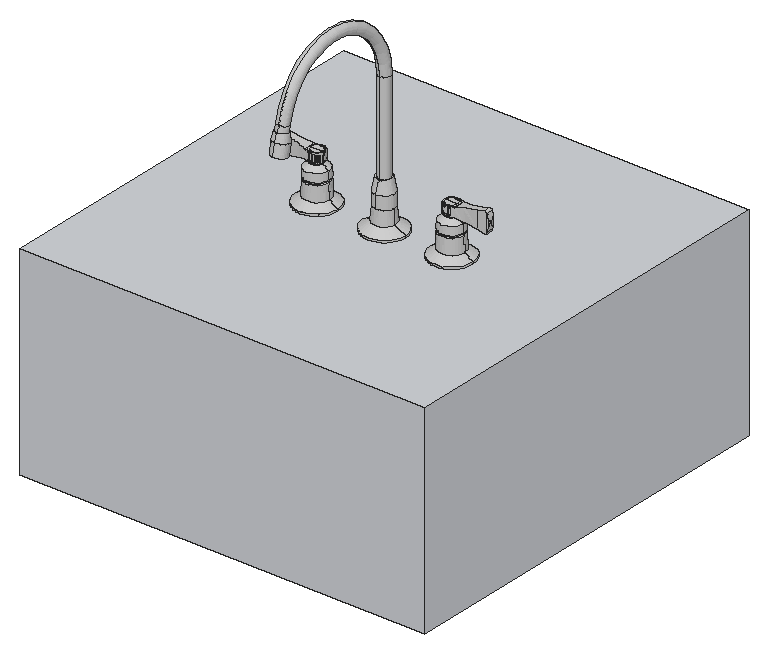
Revit family
Parameters
  Width = 14.5"
  Waste Connection = no
  WFU = 0
  Vent Connection = no
  URL = "www.moencommercial.com"
  Model = "8227"
  Manufacturer = "Moen"
  Length = 9.5"
  Keynote = "15410"
  Hot Water Connection Diameter = 0.5"  # 1/2"
  Height = 12.5"
  Handle Type = "2-1/2\" Lever handles with hot and cold color indicators"
  HWFU = 1
  Finish = Moen-Chrome
  Faucet Spout Reach = 8"
  Faucet Spout Height = 7.5"
  Drain Type = "None"
  Domestic Water Flow Rate = 2.2 GPM
  Documentation Link = "http://www.moen.com/shared/pdf/commercial/8227sp.pdf"
  Description = "Two-Handle Lavatory Faucet with Spout"
  Default Elevation = 48"
  Cold Water Connection Diameter = 0.5"  # 1/2"
  CWFU = 1
  Assembly Code = "D2010400"
  ADA Compliant = yes
Reference planes (in)
  plane 1 "Center (Front/Back)": y = 0
  plane 2: z = 0
  plane 3 "Center (Left/Right)": x = 0
  plane 4: x = -4
  plane 5: x = 4
  plane 6: x = -7.25
  plane 7: x = 7.25
  plane 8: z = 12.5
Forms (in)
  Extrusion 1, solid
    sketch origin (0, 0, 0) x (1, 0, 0) y (0, 1, 0)
      loop
        line (-12, 12) -> (-12, -12) -> (12, -12) -> (12, 12) -> (-12, 12)
    from 0 to -12
Lines and regions (in)
  Masking region 1
    outline origin (0, 0, 0) x (1, 0, 0) y (0, 1, 0)
      loop
        line (-0.335, -1.20427) -> (-0.335, -7.50378)
        spline (-0.335, -7.50378) -> (-0.42311, -7.64878) -> (-0.44971, -7.81572) -> (-0.41092, -7.98032) -> (-0.31239, -8.11866) -> (-0.16844, -8.21062) -> (0, -8.24284) -> (0.16844, -8.21062) -> (0.31239, -8.11866) -> (0.41092, -7.98032) -> (0.44971, -7.81572) -> (0.42311, -7.64878) -> (0.335, -7.50378)
        line (0.335, -7.50378) -> (0.335, -1.20427)
        arc (0.335, -1.20427) -> (0, 1.25) -> (-0.335, -1.20427) r 1.25
  Masking region 2
    outline origin (0, 0, 0) x (1, 0, 0) y (0, 1, 0)
      loop
        line (-6.30804, 0.18701) -> (-6.30804, -0.18701) -> (-5.63169, -0.18701)
        arc (-5.63169, -0.18701) -> (-5.43244, -0.19089) -> (-5.23349, -0.20252) r 5.12023
        arc (-5.23349, -0.20252) -> (-2.75, 0) -> (-5.23349, 0.20252) r 1.25
        arc (-5.23349, 0.20252) -> (-5.43244, 0.19089) -> (-5.63169, 0.18701) r 5.12023
        line (-5.63169, 0.18701) -> (-6.30804, 0.18701)
  Masking region 3
    outline origin (0, 0, 0) x (0, 1, 0) y (-1, 0, 0)
      loop
        line (0.18701, -6.30804) -> (0.18701, -5.63169)
        arc (0.18701, -5.63169) -> (0.19089, -5.43244) -> (0.20252, -5.23349) r 5.12023
        arc (0.20252, -5.23349) -> (0, -2.75) -> (-0.20252, -5.23349) r 1.25
        arc (-0.20252, -5.23349) -> (-0.19089, -5.43244) -> (-0.18701, -5.63169) r 5.12023
        line (-0.18701, -5.63169) -> (-0.18701, -6.30804) -> (0.18701, -6.30804)
  symbolic lines
    curve 1: arc (0.335, -0.55702, 0) -> (0, 0.65, 0) -> (-0.335, -0.55702, 0) r 0.65
    curve 2: arc (-0.335, 0, 0) -> (0, 0.335, 0) -> (0.335, 0, 0) r 0.335
    curve 3: spline (-0.335, -7.5913, 0) -> (-0.32359, -7.67668, 0) -> (-0.29012, -7.75625, 0) -> (-0.23688, -7.82458, 0) -> (-0.1675, -7.87701, 0) -> (-0.0867, -7.90997, 0) -> (0, -7.92121, 0) -> (0.0867, -7.90997, 0) -> (0.1675, -7.87701, 0) -> (0.23688, -7.82458, 0) -> (0.29012, -7.75625, 0) -> (0.32359, -7.67668, 0) -> (0.335, -7.5913, 0)
    curve 4: line (-0.335, 0, 0) -> (-0.335, -1.20427, 0)
    curve 5: line (-0.335, -7.5913, 0) -> (-0.335, -7.50378, 0)
    curve 6: line (0.335, 0, 0) -> (0.335, -1.20427, 0)
    curve 7: line (0.335, -7.5913, 0) -> (0.335, -7.50378, 0)
    curve 8: arc (-5.2408, 0.20195, 0) -> (-4.64745, 0.2825, 0) -> (-4.06756, 0.43176, 0) r 5.12023
    curve 9: arc (-4.06756, -0.43176, 0) -> (-3.56298, 0, 0) -> (-4.06756, 0.43176, 0) r 0.43702
    curve 10: arc (-5.23349, -0.20252, 0) -> (-4.64385, -0.2832, 0) -> (-4.06756, -0.43176, 0) r 5.12023
    curve 11: arc (5.2408, 0.20195, 0) -> (4.64745, 0.2825, 0) -> (4.06756, 0.43176, 0) r 5.12023
    curve 12: arc (4.06756, -0.43176, 0) -> (3.56298, 0, 0) -> (4.06756, 0.43176, 0) r 0.43702
    curve 13: arc (5.23349, -0.20252, 0) -> (4.64385, -0.2832, 0) -> (4.06756, -0.43176, 0) r 5.12023
    curve 14: arc (-4.69865, 0.27274, 0) -> (-3.25, 0, 0) -> (-4.69865, -0.27274, 0) r 0.75
    curve 15: arc (4.69865, -0.27274, 0) -> (3.25, 0, 0) -> (4.69865, 0.27274, 0) r 0.75
Text (in)
  text "Heigth and Width Parameters do not control Model geometry.  If you need to change the size of the model, select the correct model number." at (9.86064, 0, 13.37682), in view "Front"
Dimensions and locks (in)
  locked: plane 4 to plane 3 "Center (Left/Right)" at 4
  locked: plane 5 to plane 3 "Center (Left/Right)" at 4
  equal spacing: plane 7, plane 3 "Center (Left/Right)", plane 6
  "Width": plane 7 to plane 6
  "Height": plane 8 to plane 2
  aligned and locked: plane 2 to Extrusion 1
  aligned and locked: level to Extrusion 1
Automatic sketch dimensions
  Extrusion 1 sketch curve to Extrusion 1 sketch curve = 24"  (x2)
  plane 1 "Center (Front/Back)" to Masking region 1 sketch curve = 0"
  Masking region 1 sketch curve to plane 3 "Center (Left/Right)" = 0"  (x2)
  Masking region 1 sketch curve to plane 3 "Center (Left/Right)" = 0.335"
  plane 3 "Center (Left/Right)" to Masking region 1 sketch curve = 0.335"
  Masking region 1 sketch curve to Masking region 1 sketch curve = 0.115"
  plane 1 "Center (Front/Back)" to Masking region 1 sketch curve = 1.20427"
  Masking region 1 sketch curve to Masking region 1 sketch curve = 6.29951"
  Masking region 1 sketch curve to Masking region 1 sketch curve = 0.29589"
  plane 1 "Center (Front/Back)" to Masking region 2 sketch curve = 0"
  Masking region 2 sketch curve to plane 4 = 0"
  plane 1 "Center (Front/Back)" to Masking region 2 sketch curve = 0.20252"
  Masking region 2 sketch curve to plane 4 = 1.23349"
  Masking region 2 sketch curve to plane 1 "Center (Front/Back)" = 0.20252"
  plane 6 to Masking region 2 sketch curve = 1.61831"
  Masking region 2 sketch curve to plane 1 "Center (Front/Back)" = 0.18701"
  Masking region 2 sketch curve to Masking region 2 sketch curve = 0"
  Masking region 2 sketch curve to Masking region 2 sketch curve = 0.67634"
  Masking region 2 sketch curve to Masking region 2 sketch curve = 5.10472"
  plane 1 "Center (Front/Back)" to Masking region 3 sketch curve = 0"
  Masking region 3 sketch curve to plane 5 = 0"
  plane 1 "Center (Front/Back)" to Masking region 3 sketch curve = 0.18701"
  plane 1 "Center (Front/Back)" to Masking region 3 sketch curve = 0.20252"
  plane 7 to Masking region 3 sketch curve = 1.61831"  (x2)
  Masking region 3 sketch curve to Masking region 3 sketch curve = 5.10472"
  Masking region 3 sketch curve to plane 1 "Center (Front/Back)" = 0.18701"
  Masking region 3 sketch curve to plane 1 "Center (Front/Back)" = 0.20252"
  Masking region 3 sketch curve to Masking region 3 sketch curve = 0.67634"
  curve 1 to curve 2 = 0"  (x2)
  curve 9 to curve 14 = 0"  (x2)
  curve 12 to curve 15 = 0"  (x2)
  plane 1 "Center (Front/Back)" to curve 14 = 0"
  curve 14 to plane 4 = 0"
  plane 1 "Center (Front/Back)" to curve 4 = 0"
  curve 1 to plane 3 "Center (Left/Right)" = 0"
  curve 3 to plane 3 "Center (Left/Right)" = 0"
  plane 1 "Center (Front/Back)" to curve 15 = 0"
  curve 15 to plane 5 = 0"
  curve 10 to plane 4 = 0.06756"
  curve 8 to plane 4 = 0.06756"
  curve 14 to plane 1 "Center (Front/Back)" = 0.27274"
  curve 14 to curve 8 = 0.63109"
  plane 1 "Center (Front/Back)" to curve 14 = 0.27274"
  plane 1 "Center (Front/Back)" to curve 10 = 0.20252"
  curve 10 to curve 14 = 0.53483"
  curve 8 to plane 1 "Center (Front/Back)" = 0.20195"
  curve 8 to curve 10 = 0.00731"
  plane 6 to curve 8 = 1.61831"
  curve 5 to curve 3 = 0.335"
  curve 4 to curve 1 = 0.335"
  plane 5 to curve 12 = 0.06756"  (x2)
  curve 15 to plane 1 "Center (Front/Back)" = 0.27274"
  curve 11 to curve 15 = 0.63109"
  plane 1 "Center (Front/Back)" to curve 15 = 0.27274"
  plane 1 "Center (Front/Back)" to curve 13 = 0.20252"
  curve 15 to curve 13 = 0.53483"
  curve 11 to plane 1 "Center (Front/Back)" = 0.20195"
  curve 13 to curve 11 = 0.00731"
  plane 7 to curve 11 = 1.61831"
  curve 7 to curve 13 = 2.19654"
  curve 5 to curve 7 = 0"
  curve 3 to curve 5 = 0.08752"
  curve 4 to curve 4 = 1.20427"
  curve 4 to curve 6 = 0"
  curve 1 to curve 2 = 0.55702"
Nested families (in)
  nested 1: "Tapered Stand-alone Service Connection" at (-4, 0, 0), type "Tapered Stand-alone Service Connection"
  nested 2: "Tapered Stand-alone Service Connection" at (4, 0, 0), type "Tapered Stand-alone Service Connection"
  nested 3: "Lever Handle - Hot" at (-4, 0, 2.07), type "Lever Handle - Hot"
  nested 4: "Lever Handle - Cold" at (4, 0, 2.07), type "Lever Handle - Cold"
  nested 5: "Widespread Spout Base" at (0, 0, 0), type "Widespread Spout Base"
    with Finish Moen-Chrome
  nested 6: "Gooseneck Spout-S0050" at (0, 0, 1.35) x (0, -1, 0) z (0, 0, 1), Finish <- "Finish", type "Gooseneck Spout-S0050"
    with Finish Moen-Chrome
Connectors (in)
  piping at (4, 0, -3.3), driven by "Domestic Water Flow Rate"
    settings: on nested 2, index 1
  piping at (-4, 0, -3.3), driven by "Domestic Water Flow Rate"
    settings: on nested 1, index 2
Definition of nested family "Tapered Stand-alone Service Connection"
  Parameters (values of type "Tapered Stand-alone Service Connection")
    Finish [instance] = Moen-Chrome
    Assembly Code = ""
  Reference planes (in)
    plane 1 "Center (Front/Back)": y = 0
    plane 2: z = 0
    plane 3 "Center (Left/Right)": x = 0
  Forms (in)
    Revolve 1, solid, material "Moen-Chrome" <- "Finish"
      sketch origin (0, 0, 0) x (1, 0, 0) y (0, 0, 1)
        loop
          line (0, 0) -> (0, 2.2) -> (-0.375, 2.2) -> (-0.7, 1.95) -> (-0.71625, 1.46247) -> (-0.68019, 1.4) -> (-0.72067, 1.32988) -> (-0.75, 0.45) -> (-1.25, 0.1) -> (-1.25, 0) -> (0, 0)
        axis (0, 2.2) -> (0, 0)
      angle from 0 to 360
    Extrusion 2, solid, material "Default"
      sketch origin (0, 0, 0) x (1, 0, 0) y (0, 1, 0)
        loop
          circle (0, 0) r 0.375
      from 0 to -3.3
  Dimensions and locks (in)
    aligned and locked: Revolve 1 sketch curve to plane 3 "Center (Left/Right)"
Definition of nested family "Lever Handle - Hot"
  Parameters (values of type "Lever Handle - Hot")
    Finish [instance] = Moen-Chrome
    Assembly Code = ""
  Reference planes (in)
    plane 1 "Center (Front/Back)": y = 0
    plane 2: z = 0
    plane 3 "Center (Left/Right)": x = 0
    plane 4: z = 0.81181
    plane 5: z = 0.25324
  Forms (in)
    Revolve 1, solid, material "Moen-Chrome" <- "Finish"
      sketch origin (0, 0, 0) x (1, 0, 0) y (0, 0, 1)
        loop
          line (0.4376, 0.33036) -> (0.4376, 0.73307)
          arc (0.4376, 0.73307) -> (0.41454, 0.78875) -> (0.35886, 0.81181) r 0.07874
          line (0.35886, 0.81181) -> (0, 0.81181) -> (0, 0) -> (0.25935, 0)
          arc (0.25935, 0) -> (0.27327, 0.00577) -> (0.27904, 0.01969) r 0.01969
          line (0.27904, 0.01969) -> (0.27904, 0.2319)
          arc (0.27904, 0.2319) -> (0.2848, 0.24585) -> (0.29875, 0.25162) r 0.01969
          line (0.29875, 0.25162) -> (0.35886, 0.25162)
          arc (0.35886, 0.25162) -> (0.41454, 0.27468) -> (0.4376, 0.33036) r 0.07874
        axis (0, 0.81181) -> (0, 0)
      angle from 0 to 360
    Extrusion 2, solid, material "Moen-Chrome" <- "Finish"
      sketch origin (0, 0, 0) x (1, 0, 0) y (0, 1, 0)
        loop
          arc (-2.2294, 0.18701) -> (-2.2836, 0.16538) -> (-2.30804, 0.11239) r 0.07874
          line (-2.30804, 0.11239) -> (-2.31069, 0.06181)
          arc (-2.31069, 0.06181) -> (-2.31231, 0) -> (-2.31069, -0.06181) r 1.1811
          line (-2.31069, -0.06181) -> (-2.30804, -0.11239)
          arc (-2.30804, -0.11239) -> (-2.2836, -0.16538) -> (-2.2294, -0.18701) r 0.07874
          line (-2.2294, -0.18701) -> (-1.63169, -0.18701)
          spline (-1.63169, -0.18701) -> (-1.50472, -0.18862) -> (-1.37783, -0.19346) -> (-1.2511, -0.20151) -> (-1.12461, -0.21279) -> (-0.99846, -0.22727) -> (-0.87271, -0.24495) -> (-0.74745, -0.26582) -> (-0.62276, -0.28986) -> (-0.49872, -0.31706) -> (-0.37542, -0.3474) -> (-0.25292, -0.38087) -> (-0.13131, -0.41743)
          arc (-0.13131, -0.41743) -> (0.4376, 0) -> (-0.13131, 0.41743) r 0.4376
          spline (-0.13131, 0.41743) -> (-0.25292, 0.38087) -> (-0.37542, 0.3474) -> (-0.49872, 0.31706) -> (-0.62276, 0.28986) -> (-0.74745, 0.26582) -> (-0.87271, 0.24495) -> (-0.99846, 0.22727) -> (-1.12461, 0.21279) -> (-1.2511, 0.20151) -> (-1.37783, 0.19346) -> (-1.50472, 0.18862) -> (-1.6317, 0.18701)
          line (-1.6317, 0.18701) -> (-2.2294, 0.18701)
      from -0.125 to 1.30209
    Extrusion 3, void
      sketch origin (0, 0, 0) x (1, 0, 0) y (0, 0, 1)
        loop
          line (-0.45, 0.81181) -> (-2.10396, 1.12799)
          arc (-2.10396, 1.12799) -> (-2.19114, 1.11403) -> (-2.24432, 1.04356) r 0.11819
          arc (-2.24432, 1.04356) -> (-2.31231, 0.53177) -> (-2.24477, 0.01992) r 1.96688
          arc (-2.24477, 0.01992) -> (-2.19341, -0.04949) -> (-2.10854, -0.0654) r 0.11811
          line (-2.10854, -0.0654) -> (-0.45015, 0.25162) -> (0.35886, 0.25162)
          arc (0.35886, 0.25162) -> (0.41454, 0.27468) -> (0.4376, 0.33036) r 0.07874
          line (0.4376, 0.33036) -> (0.4376, 0.73307)
          arc (0.4376, 0.73307) -> (0.41454, 0.78875) -> (0.35886, 0.81181) r 0.07874
          line (0.35886, 0.81181) -> (-0.45, 0.81181)
        loop
          line (-2.69445, 1.52902) -> (-2.69445, -0.44662) -> (0.68414, -0.44662) -> (0.68414, 1.52902) -> (-2.69445, 1.52902)
      from -1.39793 to 1.33238
  Cuts and joins
    Extrusion 3 cuts Extrusion 2
  Lines and regions (in)
    Split face 1
      outline origin (-2.2294, -0.18701, 1.30209) x (0, 0, -1) y (1, 0, 0)
        loop
          circle (0.77119, 0.29147) r 0.25
    Split face 2
      outline origin (-2.2294, -0.18701, 1.30209) x (0, 0, -1) y (1, 0, 0)
        loop
          line (0.61118, 0.16398) -> (0.92368, 0.16398) -> (0.92368, 0.22406) -> (0.79959, 0.22406) -> (0.79959, 0.35889) -> (0.92368, 0.35889) -> (0.92368, 0.4183) -> (0.61118, 0.4183) -> (0.61118, 0.35889) -> (0.74419, 0.35889) -> (0.74419, 0.22406) -> (0.61118, 0.22406) -> (0.61118, 0.16398)
    symbolic lines
      curve 1: line (-2.30804, 0.18701, 0) -> (-2.30804, -0.18701, 0)
      curve 2: line (-2.30804, -0.18701, 0) -> (-1.63169, -0.18701, 0)
      curve 3: line (-1.63169, 0.18701, 0) -> (-2.30804, 0.18701, 0)
      curve 4: arc (-1.63169, -0.18701, 0) -> (-0.84011, -0.24857, 0) -> (-0.06756, -0.43176, 0) r 5.12023
      curve 5: arc (-1.63169, 0.18701, 0) -> (-0.84011, 0.24857, 0) -> (-0.06756, 0.43176, 0) r 5.12023
      curve 6: arc (-0.06756, -0.43176, 0) -> (0.43702, 0, 0) -> (-0.06756, 0.43176, 0) r 0.43702
Definition of nested family "Lever Handle - Cold"
  Parameters (values of type "Lever Handle - Cold")
    Finish [instance] = Moen-Chrome
    Assembly Code = ""
  Reference planes (in)
    plane 1 "Center (Front/Back)": y = 0
    plane 2: z = 0
    plane 3 "Center (Left/Right)": x = 0
    plane 4: z = 0.81181
    plane 5: z = 0.25324
  Forms (in)
    Revolve 1, solid, material "Moen-Chrome" <- "Finish"
      sketch origin (0, 0, 0) x (-1, 0, 0) y (0, 0, 1)
        loop
          line (0.4376, 0.33036) -> (0.4376, 0.73307)
          arc (0.4376, 0.73307) -> (0.41454, 0.78875) -> (0.35886, 0.81181) r 0.07874
          line (0.35886, 0.81181) -> (0, 0.81181) -> (0, 0) -> (0.25935, 0)
          arc (0.25935, 0) -> (0.27327, 0.00577) -> (0.27904, 0.01969) r 0.01969
          line (0.27904, 0.01969) -> (0.27904, 0.2319)
          arc (0.27904, 0.2319) -> (0.2848, 0.24585) -> (0.29875, 0.25162) r 0.01969
          line (0.29875, 0.25162) -> (0.35886, 0.25162)
          arc (0.35886, 0.25162) -> (0.41454, 0.27468) -> (0.4376, 0.33036) r 0.07874
        axis (0, 0.81181) -> (0, 0)
      angle from 0 to 360
    Extrusion 2, solid, material "Moen-Chrome" <- "Finish"
      sketch origin (0, 0, 0) x (-1, 0, 0) y (0, -1, 0)
        loop
          arc (-2.2294, 0.18701) -> (-2.2836, 0.16538) -> (-2.30804, 0.11239) r 0.07874
          line (-2.30804, 0.11239) -> (-2.31069, 0.06181)
          arc (-2.31069, 0.06181) -> (-2.31231, 0) -> (-2.31069, -0.06181) r 1.1811
          line (-2.31069, -0.06181) -> (-2.30804, -0.11239)
          arc (-2.30804, -0.11239) -> (-2.2836, -0.16538) -> (-2.2294, -0.18701) r 0.07874
          line (-2.2294, -0.18701) -> (-1.63169, -0.18701)
          spline (-1.63169, -0.18701) -> (-1.50472, -0.18862) -> (-1.37783, -0.19346) -> (-1.2511, -0.20151) -> (-1.12461, -0.21279) -> (-0.99846, -0.22727) -> (-0.87271, -0.24495) -> (-0.74745, -0.26582) -> (-0.62276, -0.28986) -> (-0.49872, -0.31706) -> (-0.37542, -0.3474) -> (-0.25292, -0.38087) -> (-0.13131, -0.41743)
          arc (-0.13131, -0.41743) -> (0.4376, 0) -> (-0.13131, 0.41743) r 0.4376
          spline (-0.13131, 0.41743) -> (-0.25292, 0.38087) -> (-0.37542, 0.3474) -> (-0.49872, 0.31706) -> (-0.62276, 0.28986) -> (-0.74745, 0.26582) -> (-0.87271, 0.24495) -> (-0.99846, 0.22727) -> (-1.12461, 0.21279) -> (-1.2511, 0.20151) -> (-1.37783, 0.19346) -> (-1.50472, 0.18862) -> (-1.6317, 0.18701)
          line (-1.6317, 0.18701) -> (-2.2294, 0.18701)
      from -0.125 to 1.30209
    Extrusion 3, void
      sketch origin (0, 0, 0) x (-1, 0, 0) y (0, 0, 1)
        loop
          line (-0.45, 0.81181) -> (-2.10396, 1.12799)
          arc (-2.10396, 1.12799) -> (-2.19114, 1.11403) -> (-2.24432, 1.04356) r 0.11819
          arc (-2.24432, 1.04356) -> (-2.31231, 0.53177) -> (-2.24477, 0.01992) r 1.96688
          arc (-2.24477, 0.01992) -> (-2.19341, -0.04949) -> (-2.10854, -0.0654) r 0.11811
          line (-2.10854, -0.0654) -> (-0.45015, 0.25162) -> (0.35886, 0.25162)
          arc (0.35886, 0.25162) -> (0.41454, 0.27468) -> (0.4376, 0.33036) r 0.07874
          line (0.4376, 0.33036) -> (0.4376, 0.73307)
          arc (0.4376, 0.73307) -> (0.41454, 0.78875) -> (0.35886, 0.81181) r 0.07874
          line (0.35886, 0.81181) -> (-0.45, 0.81181)
        loop
          line (-2.69445, 1.52902) -> (-2.69445, -0.44662) -> (0.68414, -0.44662) -> (0.68414, 1.52902) -> (-2.69445, 1.52902)
      from -1.39793 to 1.33238
  Cuts and joins
    Extrusion 3 cuts Extrusion 2
  Lines and regions (in)
    Split face 1
      outline origin (1.6317, -0.18701, 1.30209) x (0, 0, -1) y (1, 0, 0)
        loop
          circle (0.77119, 0.30384) r 0.25
    Split face 2
      outline origin (1.6317, -0.18701, 1.30209) x (0, 0, -1) y (1, 0, 0)
        loop
          line (0.88167, 0.41433) -> (0.83748, 0.37013)
          arc (0.83748, 0.37013) -> (0.77119, 0.21009) -> (0.7049, 0.37013) r 0.09375
          line (0.7049, 0.37013) -> (0.6607, 0.41433)
          arc (0.6607, 0.41433) -> (0.77119, 0.14759) -> (0.88167, 0.41433) r 0.15625
Definition of nested family "Widespread Spout Base"
  Parameters (values of type "Widespread Spout Base")
    Finish [instance] = Moen-Chrome
  Reference planes (in)
    plane 1 "Center (Front/Back)": y = 0
    plane 2: z = 0
    plane 3 "Center (Left/Right)": x = 0
  Forms (in)
    Revolve 1, solid, material "Moen-Chrome" <- "Finish"
      sketch origin (0, 0, 0) x (1, 0, 0) y (0, 0, 1)
        loop
          line (0, 0) -> (0, 1.35) -> (-0.6, 1.35) -> (-0.65, 0.5) -> (-1.25, 0.1) -> (-1.25, 0) -> (0, 0)
        axis (0, 1.35) -> (0, 0)
      angle from 0 to 360
  Dimensions and locks (in)
    locked: Revolve 1 sketch curve to plane 2 at 1.35
    locked: plane 3 "Center (Left/Right)" to Revolve 1 sketch curve at 1.25
    locked: Revolve 1 sketch curve to plane 2 at 0.1
    locked: plane 3 "Center (Left/Right)" to Revolve 1 sketch curve at 0.6
    locked: Revolve 1 sketch curve to plane 2 at 0.5
    locked: plane 3 "Center (Left/Right)" to Revolve 1 sketch curve at 0.65
    aligned and locked: plane 3 "Center (Left/Right)" to Revolve 1 sketch curve
    aligned and locked: plane 2 to Revolve 1 sketch curve
    aligned and locked: Revolve 1 sketch curve to plane 3 "Center (Left/Right)"
Definition of nested family "Gooseneck Spout-S0050"
  Parameters (values of type "Gooseneck Spout-S0050")
    Width = 0"
    Straight Spout Height = Height - Deck Height - Spout Radius - Curve Radius  # 6.923"
    Spout Radius = 0.335"
    Length = 0"
    Height = 12"
    Finish [instance] = Moen-Chrome
    Faucet Spout Reach = 8"
    Faucet Spout Height = 7"
    Deck Height = 0.95"  # constant formula
    Curve Radius = Faucet Spout Reach * 0.474  # 3.792"
    Curve Angle = 170.00°  # constant formula
  Reference planes (in)
    plane 1 "Center (Front/Back)": y = 0
    plane 2: z = 0
    plane 3 "Center (Left/Right)": x = 0
    plane 4 "Spout Reach": x = 8
    plane 5 "Overall Height": z = 11.05
    plane 6 "Deck Height": z = -0.95
    plane 7 "Spout Straight Height": z = 6.923
    plane 8 "Aerator Height": z = 6.05
  Forms (in)
    Sweep 1, solid, material "Moen-Chrome" <- "Finish"
      path origin (0, 0, 0) x (1, 0, 0) y (0, 0, 1)
        loop
          line (0, 0) -> (0, 6.923)
          arc (0, 6.923) -> (3.46151, 10.70057) -> (7.52639, 7.58147) r 3.792
          line (7.52639, 7.58147) -> (7.79968, 6.0316)
      profile origin (0, 0, 3.4615) x (-1, 0, 0) y (0, -1, 0)
        loop
          circle (0, 0) r 0.335
    Revolve 2, solid, material "Moen-Chrome" <- "Finish"
      sketch origin (0, 0, 0) x (1, 0, 0) y (0, 0, 1)
        loop
          line (0, 0) -> (0, 1.5) -> (-0.44, 1.5) -> (-0.6, 0.75) -> (-0.6, 0) -> (0, 0)
        axis (0, 1.5) -> (0, 0)
      angle from 0 to 360
    Revolve 3, solid, material "Moen-Chrome" <- "Finish"
      sketch origin (0, 0, 0) x (1, 0, 0) y (0, 0, 1)
        loop
          line (7.79968, 6.0316) -> (7.5913, 7.21337) -> (7.22199, 7.14825) -> (7.23496, 6.64282) -> (7.35651, 5.95346) -> (7.79968, 6.0316)
        axis (7.5913, 7.21337) -> (7.79968, 6.0316)
      angle from 0 to 360
  Cuts and joins
    joined: Sweep 1, Revolve 2, Revolve 3
  Lines and regions (in)
    reference lines
      curve 1: arc (0, 0, 6.923) -> (3.46151, 0, 10.70057) -> (7.52639, 0, 7.58147) r 3.792
      curve 2: line (7.52639, 0, 7.58147) -> (7.79643, 0, 6.05)
  Dimensions and locks (in)
    "Deck Height": plane 6 "Deck Height" to plane 2
    "Height": plane 5 "Overall Height" to plane 6 "Deck Height"
    "Faucet Spout Height": plane 8 "Aerator Height" to plane 6 "Deck Height"
    "Straight Spout Height": plane 7 "Spout Straight Height" to plane 2
    "Faucet Spout Reach": plane 4 "Spout Reach" to plane 3 "Center (Left/Right)"
    locked: Revolve 2 sketch curve to Revolve 2 sketch curve at 0.6
    locked: Revolve 2 sketch curve to Revolve 2 sketch curve at 1.5
    locked: Revolve 2 sketch curve to Revolve 2 sketch curve at 0.75
    locked: Revolve 2 sketch curve to Revolve 2 sketch curve at 0.44
    locked: Revolve 3 sketch curve to Revolve 3 sketch curve at 0.45
    locked: Revolve 3 sketch curve to Revolve 3 sketch curve at 1.2
    locked: Revolve 3 sketch curve to Revolve 3 sketch curve at 0.7
    locked: Revolve 3 sketch curve to Revolve 3 sketch curve at 0.375
    "Curve Radius": radius of curve 1
    "Spout Radius": radius of Sweep 1 sketch curve
    "Curve Angle": angle curve 1 to curve 1
    aligned and locked: plane 7 "Spout Straight Height" to curve 1
    aligned and locked: plane 3 "Center (Left/Right)" to curve 1
    aligned and locked: Revolve 2 sketch curve to plane 3 "Center (Left/Right)"
    aligned and locked: plane 3 "Center (Left/Right)" to Revolve 2 sketch curve
    aligned and locked: plane 2 to Revolve 2 sketch curve
    aligned and locked: Revolve 3 sketch curve to Sweep 1
    aligned and locked: plane 8 "Aerator Height" to curve 2
    aligned and locked: Sweep 1 sketch curve to curve 1
    aligned and locked: Revolve 3 sketch curve to curve 2  (x2)
  Automatic sketch dimensions
    Sweep 1 sketch curve to level = 0"
    Sweep 1 sketch curve to plane 4 "Spout Reach" = 0.47361"
    Sweep 1 sketch curve to plane 4 "Spout Reach" = 0.20032"
    Sweep 1 sketch curve to plane 8 "Aerator Height" = 0.0184"
    plane 1 "Center (Front/Back)" to Sweep 1 sketch curve = 0"
    Sweep 1 sketch curve to profile plane = 0"
    plane 6 "Deck Height" to Revolve 2 sketch curve = 0.45"
    Revolve 2 sketch curve to Revolve 2 sketch curve = 0.5"
    Revolve 3 sketch curve to plane 4 "Spout Reach" = 0.54384"
    Revolve 3 sketch curve to plane 4 "Spout Reach" = 0.15314"
    curve 2 to plane 4 "Spout Reach" = 0.20357"
